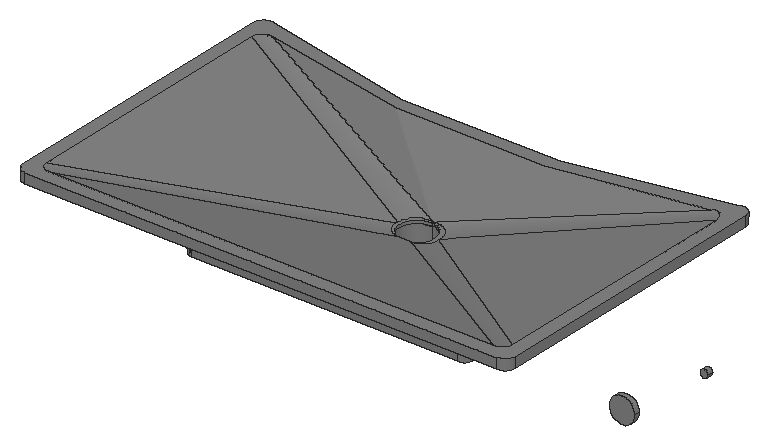
Revit family
Parameters
  Waste Connection Radius = Waste Connection NPT / 2  # 0' - 0 5/8"
  Waste Connection NPT = 1 1/4"
  Waste Connection = yes
  WFU = 0
  Vent Connection = yes
  URL = "http://www.totousa.com"
  Shipping Weight = 48.00 lbf
  Series = "Waza Noir"
  Product URL = "http://www.totousa.com/ProductDetail/tabid/75/Default.aspx?ProductId=c78ced01-098c-4c14-bfaf-ff097b839b26&SearchId=cf49eb84-f9fc-4c92-b83b-4d2dbffe6acb"
  Nominal Width = 2' - 0"  # constant formula
  Nominal Length = 1' - 3"  # constant formula
  Nominal Height = 0' - 3 5/8"  # constant formula
  Model = "FLT132"
  Manufacturer = "TOTO"
  Lavatory Mounting Offset [instance] = if(and(Vessel, not(Self Rimming), not(Undercounter)), 0' 4 5/8", if(and(Self Rimming, not(Vessel), not(Undercounter)), 0' 1 1/2", if(and(Undercounter, not(Self Rimming), not(Vessel)), 0' 0", 0' 0")))  # 0' - 1 1/2"
  Lavatory Material = Cast Iron
  Hot Water Connection Radius = Hot Water Connection NPT / 2  # 0' - 0 3/16"
  Hot Water Connection NPT = 3/8"
  HWFU = 0
  HW Connection = yes
  Flow Pressure [instance] = 0.00 psi
  Distance to Wall [instance] = 0' - 7"
  Description = "Cast Iron Lavatory"
  Cold Water Connection Radius = Cold Water Connection NPT / 2  # 0' - 0 3/16"
  Cold Water Connection NPT = 3/8"
  CWFU = 0
  CW Connection = yes
  CADworks URL = "http://www.CADworks.net"
  Assembly Code = "D2010310"
  ADA Compliant = yes
  Vessel [instance] = no
  Self Rimming [instance] = yes
  Undercounter [instance] = no
Reference planes (in)
  plane 1 "Center (Front/Back)": y = 0
  plane 2: z = 0
  plane 3 "Center (Left/Right)": x = 0
  plane 4: z = -15.5
  plane 5: z = -12.5
  plane 6: x = 4
  plane 7: x = -4
  plane 8: z = 0.5
  plane 9: z = -3.125
  plane 10: x = 12
  plane 11: x = -12
  plane 12: y = 7.5
  plane 13: y = -7.5
  plane 14: z = 0
  plane 15: z = -2.336
  plane 16: z = -2.486
  plane 17: z = -2.211
  plane 18: z = -4.125
  plane 19 "Wall Closure": y = 14.5
  plane 20: z = -1
  plane 21: y = 2.00539
Forms (in)
  Extrusion 1, solid, material "Cast Iron" <- "Lavatory Material"
    sketch origin (19, -180, 10) x (-1, 0, 0) y (0, -1, 0)
      loop
        line (7, -173) -> (7, -187)
        arc (7, -187) -> (7.20561, -187.40415) -> (7.65333, -187.47591) r 0.5
        arc (7.65333, -187.47591) -> (19, -185.69314) -> (30.34667, -187.47591) r 37
        arc (30.34667, -187.47591) -> (30.79439, -187.40415) -> (31, -187) r 0.5
        line (31, -187) -> (31, -173)
        arc (31, -173) -> (30.85355, -172.64645) -> (30.5, -172.5) r 0.5
        line (30.5, -172.5) -> (7.5, -172.5)
        arc (7.5, -172.5) -> (7.14645, -172.64645) -> (7, -173) r 0.5
    from -10 to -9.5
  SweptBlend 2, solid, material "Cast Iron" <- "Lavatory Material"
    path origin (0, 0, 0) x (0, 1, 0) y (0, 0, 1)
      loop
        line (2.3425, 0) -> (2.3425, -2.336)
    profile origin (0, 2.3425, 0) x (1, 0, 0) y (0, 1, 0)
      loop
        arc (8.93264, 3.73349) -> (0, 2.6629) -> (-8.93264, 3.73349) r 37.80078
        arc (-8.93264, 3.73349) -> (-10.21401, 3.45532) -> (-10.7871, 2.27597) r 1.5
        line (-10.7871, 2.27597) -> (-10.7871, -8.2247)
        arc (-10.7871, -8.2247) -> (-10.64065, -8.57825) -> (-10.2871, -8.7247) r 0.5
        line (-10.2871, -8.7247) -> (10.2871, -8.7247)
        arc (10.2871, -8.7247) -> (10.64065, -8.57825) -> (10.7871, -8.2247) r 0.5
        line (10.7871, -8.2247) -> (10.7871, 2.27597)
        arc (10.7871, 2.27597) -> (10.21401, 3.45532) -> (8.93264, 3.73349) r 1.5
    end profile origin (0, 2.3425, -2.336) x (1, 0, 0) y (0, 1, 0)
      loop
        arc (2.27723, 1.57302) -> (0, 1.30009) -> (-2.27723, 1.57302) r 9.63671
        arc (-2.27723, 1.57302) -> (-2.6039, 1.5021) -> (-2.75, 1.20145) r 0.3824
        line (-2.75, 1.20145) -> (-2.75, -0.93684)
        arc (-2.75, -0.93684) -> (-2.56333, -1.38751) -> (-2.11266, -1.57418) r 0.63734
        line (-2.11266, -1.57418) -> (2.11266, -1.57418)
        arc (2.11266, -1.57418) -> (2.56333, -1.38751) -> (2.75, -0.93684) r 0.63734
        line (2.75, -0.93684) -> (2.75, 1.20145)
        arc (2.75, 1.20145) -> (2.6039, 1.5021) -> (2.27723, 1.57302) r 0.3824
  SweptBlend 3, void
    path origin (0, 0, 0) x (0, 1, 0) y (0, 0, 1)
      loop
        line (2.3425, 0.5) -> (2.3425, -2.211)
    profile origin (0, 2.3425, 0.5) x (1, 0, 0) y (0, 1, 0)
      loop
        arc (10.70165, 4.24707) -> (0, 2.69439) -> (-10.70165, 4.24707) r 37.65625
        arc (-10.70165, 4.24707) -> (-11.14288, 4.16834) -> (-11.34375, 3.76768) r 0.5
        line (-11.34375, 3.76768) -> (-11.34375, -8.71625)
        arc (-11.34375, -8.71625) -> (-11.1973, -9.0698) -> (-10.84375, -9.21625) r 0.5
        line (-10.84375, -9.21625) -> (10.84375, -9.21625)
        arc (10.84375, -9.21625) -> (11.1973, -9.0698) -> (11.34375, -8.71625) r 0.5
        line (11.34375, -8.71625) -> (11.34375, 3.76768)
        arc (11.34375, 3.76768) -> (11.14288, 4.16834) -> (10.70165, 4.24707) r 0.5
    end profile origin (0, 2.3425, -2.211) x (1, 0, 0) y (0, 1, 0)
      loop
        arc (-1.04818, -0.35911) -> (-0.82851, -0.88944) -> (-0.29818, -1.10911) r 0.75
        line (-0.29818, -1.10911) -> (0.29818, -1.10911)
        arc (0.29818, -1.10911) -> (0.82851, -0.88944) -> (1.04818, -0.35911) r 0.75
        line (1.04818, -0.35911) -> (1.04818, -0.23187)
        arc (1.04818, -0.23187) -> (0.76152, 0.42678) -> (0.08415, 0.66585) r 0.9
        arc (0.08415, 0.66585) -> (0, 0.66286) -> (-0.08415, 0.66585) r 1.18302
        arc (-0.08415, 0.66585) -> (-0.76152, 0.42678) -> (-1.04818, -0.23187) r 0.9
        line (-1.04818, -0.23187) -> (-1.04818, -0.35911)
  Extrusion 4, solid, material "Chrome", detail levels fine
    sketch origin (-6, 14.5, 48) x (-1, 0, 0) y (0, 0, -1)
      loop
        circle (-6, 63.5) r 0.625
      loop
        circle (-10, 60.5) r 0.1875
      loop
        circle (-2, 60.5) r 0.1875
    from 0 to -0.25
  Extrusion 5, void
    sketch origin (19, -180, -2.211) x (0, -1, 0) y (-1, 0, 0)
      loop
        circle (-182.00539, 19) r 0.86614
    from 0 to 1.914
  Blend 6, solid, material "Cast Iron" <- "Lavatory Material"
    base sketch origin (19, -180, -3.125) x (-1, 0, 0) y (0, -1, 0)
      loop
        arc (12.1102, -183.27016) -> (12.22551, -183.54854) -> (12.5039, -183.66386) r 0.3937
        line (12.5039, -183.66386) -> (25.4961, -183.66386)
        arc (25.4961, -183.66386) -> (25.77449, -183.54854) -> (25.8898, -183.27016) r 0.3937
        line (25.8898, -183.27016) -> (25.8898, -176.77409)
        arc (25.8898, -176.77409) -> (25.77449, -176.4957) -> (25.4961, -176.38039) r 0.3937
        line (25.4961, -176.38039) -> (12.5039, -176.38039)
        arc (12.5039, -176.38039) -> (12.22551, -176.4957) -> (12.1102, -176.77409) r 0.3937
        line (12.1102, -176.77409) -> (12.1102, -183.27016)
    top sketch origin (19, -180, -3.125) x (-1, 0, 0) y (0, -1, 0)
      loop
        line (26.08511, -183.75643) -> (26.08511, -176.77409)
        arc (26.08511, -176.77409) -> (25.91259, -176.3576) -> (25.4961, -176.18508) r 0.58901
        line (25.4961, -176.18508) -> (12.5039, -176.18508)
        arc (12.5039, -176.18508) -> (12.08741, -176.3576) -> (11.91489, -176.77409) r 0.58901
        line (11.91489, -176.77409) -> (11.91489, -183.75643)
        arc (11.91489, -183.75643) -> (12.08741, -184.17292) -> (12.5039, -184.34544) r 0.58901
        line (12.5039, -184.34544) -> (25.4961, -184.34544)
        arc (25.4961, -184.34544) -> (25.91259, -184.17292) -> (26.08511, -183.75643) r 0.58901
    from 0 to 2.55081
  Blend 7, void
    base sketch origin (19, -180, -3.125) x (0, -1, 0) y (1, 0, 0)
      loop
        arc (-176.47805, -12.5039) -> (-176.56476, -12.29457) -> (-176.77409, -12.20786) r 0.29604
        line (-176.77409, -12.20786) -> (-183.27016, -12.20786)
        arc (-183.27016, -12.20786) -> (-183.47949, -12.29457) -> (-183.5662, -12.5039) r 0.29604
        line (-183.5662, -12.5039) -> (-183.5662, -25.4961)
        arc (-183.5662, -25.4961) -> (-183.47949, -25.70543) -> (-183.27016, -25.79214) r 0.29604
        line (-183.27016, -25.79214) -> (-176.77409, -25.79214)
        arc (-176.77409, -25.79214) -> (-176.56476, -25.70543) -> (-176.47805, -25.4961) r 0.29604
        line (-176.47805, -25.4961) -> (-176.47805, -12.5039)
    top sketch origin (19, -180, -3.125) x (0, -1, 0) y (1, 0, 0)
      loop
        line (-183.75643, -25.98746) -> (-176.77409, -25.98746)
        arc (-176.77409, -25.98746) -> (-176.42665, -25.84354) -> (-176.28273, -25.4961) r 0.49136
        line (-176.28273, -25.4961) -> (-176.28273, -12.5039)
        arc (-176.28273, -12.5039) -> (-176.42665, -12.15646) -> (-176.77409, -12.01254) r 0.49136
        line (-176.77409, -12.01254) -> (-183.75643, -12.01254)
        arc (-183.75643, -12.01254) -> (-184.10387, -12.15646) -> (-184.24778, -12.5039) r 0.49136
        line (-184.24778, -12.5039) -> (-184.24778, -25.4961)
        arc (-184.24778, -25.4961) -> (-184.10387, -25.84354) -> (-183.75643, -25.98746) r 0.49136
    from 0 to 3.125
  Blend 8, solid, material "Cast Iron" <- "Lavatory Material"
    base sketch origin (19, -180, -4.125) x (-1, 0, 0) y (0, -1, 0)
      loop
        circle (19, -182.00539) r 1.23285
    top sketch origin (19, -180, -4.125) x (-1, 0, 0) y (0, -1, 0)
      loop
        circle (19, -182.25306) r 1.48474
    from 0 to 1.789
Cuts and joins
  SweptBlend 3, Extrusion 5 cuts Extrusion 1
  SweptBlend 3, Extrusion 5 cuts SweptBlend 2
  SweptBlend 3, Extrusion 5, Blend 7 cuts Blend 6
  joined: Extrusion 1, SweptBlend 2, Blend 6
  Extrusion 5 cuts Blend 8
Lines and regions (in)
  Masking region 1
    outline origin (19, -180, -4.125) x (-1, 0, 0) y (0, -1, 0)
      loop
        arc (7.65333, -187.47591) -> (19, -185.69314) -> (30.34667, -187.47591) r 37
        arc (30.34667, -187.47591) -> (30.79439, -187.40415) -> (31, -187) r 0.5
        line (31, -187) -> (31, -173)
        arc (31, -173) -> (30.85355, -172.64645) -> (30.5, -172.5) r 0.5
        line (30.5, -172.5) -> (7.5, -172.5)
        arc (7.5, -172.5) -> (7.14645, -172.64645) -> (7, -173) r 0.5
        line (7, -173) -> (7, -187)
        arc (7, -187) -> (7.20561, -187.40415) -> (7.65333, -187.47591) r 0.5
  symbolic lines
    curve 1: arc (10.70165, 6.58957, 0.5) -> (11.14288, 6.51084, 0.5) -> (11.34375, 6.11018, 0.5) r 0.5
    curve 2: arc (-10.70165, 6.58957, 0.5) -> (0, 5.03689, 0.5) -> (10.70165, 6.58957, 0.5) r 37.65625
    curve 3: line (11.34375, 6.11018, 0.5) -> (11.34375, -6.37375, 0.5)
    curve 4: arc (11.34375, -6.37375, 0.5) -> (11.1973, -6.7273, 0.5) -> (10.84375, -6.87375, 0.5) r 0.5
    curve 5: line (10.84375, -6.87375, 0.5) -> (-10.84375, -6.87375, 0.5)
    curve 6: arc (-10.84375, -6.87375, 0.5) -> (-11.1973, -6.7273, 0.5) -> (-11.34375, -6.37375, 0.5) r 0.5
    curve 7: line (-11.34375, -6.37375, 0.5) -> (-11.34375, 6.11018, 0.5)
    curve 8: arc (-11.34375, 6.11018, 0.5) -> (-11.14288, 6.51084, 0.5) -> (-10.70165, 6.58957, 0.5) r 0.5
    curve 9: arc (1.04818, 2.11063, 0.5) -> (0.76152, 2.76928, 0.5) -> (0.08415, 3.00835, 0.5) r 0.9
    curve 10: arc (0.29818, 1.23339, 0.5) -> (0.82851, 1.45306, 0.5) -> (1.04818, 1.98339, 0.5) r 0.75
    curve 11: arc (0.08415, 3.00835, 0.5) -> (0, 3.00536, 0.5) -> (-0.08415, 3.00835, 0.5) r 1.18302
    curve 12: arc (-0.08415, 3.00835, 0.5) -> (-0.76152, 2.76928, 0.5) -> (-1.04818, 2.11063, 0.5) r 0.9
    curve 13: arc (-1.04818, 1.98339, 0.5) -> (-0.82851, 1.45306, 0.5) -> (-0.29818, 1.23339, 0.5) r 0.75
    curve 14: line (-1.04818, 2.11063, 0.5) -> (-1.04818, 1.98339, 0.5)
    curve 15: line (1.04818, 1.98339, 0.5) -> (1.04818, 2.11063, 0.5)
    curve 16: line (-0.29818, 1.23339, 0.5) -> (0.29818, 1.23339, 0.5)
Dimensions and locks (in)
  "Nominal Height": plane 8 to plane 9
  equal spacing: plane 11, plane 3 "Center (Left/Right)", plane 10
  "Nominal Width": plane 11 to plane 10
  equal spacing: plane 13, plane 1 "Center (Front/Back)", plane 12
  "Nominal Length": plane 13 to plane 12
  locked: plane 8 to plane 14 at 0.5
  locked: plane 12 to Extrusion 1 sketch curve at 0.02409  (x2)
  locked: plane 8 to plane 15 at 2.836
  locked: plane 8 to plane 16 at 2.986
  equal spacing: SweptBlend 2 sketch curve, plane 3 "Center (Left/Right)", SweptBlend 2 sketch curve, locked at 10.7871 each
  locked: SweptBlend 2 sketch curve to plane 1 "Center (Front/Back)" at 6.3822
  equal spacing: SweptBlend 2 sketch curve, plane 3 "Center (Left/Right)", SweptBlend 2 sketch curve, locked at 2.75 each
  locked: plane 17 to plane 15 at 0.125
  locked: plane 1 "Center (Front/Back)" to SweptBlend 2 sketch curve at 5.0054
  locked: plane 9 to plane 18 at 1
  "Distance to Wall": plane 12 to plane 19 "Wall Closure"
  locked: plane 3 "Center (Left/Right)" to Extrusion 4 sketch curve at 0
  locked: plane 5 to Extrusion 4 sketch curve at 0  (x2)
  locked: plane 6 to Extrusion 4 sketch curve at 0
  locked: plane 7 to Extrusion 4 sketch curve at 0
  locked: plane 19 "Wall Closure" to Extrusion 4 at 0.25
  locked: plane 2 to plane 20 at 1
  "Lavatory Mounting Offset": plane 8 to plane 20
  locked: plane 5 to plane 4 at 3
  locked: plane 8 to plane 5 at 13
  locked: plane 21 to plane 12 at 5.49461
  locked: plane 21 to Extrusion 5 sketch curve at 0
  locked: plane 3 "Center (Left/Right)" to Extrusion 5 sketch curve at 0
  Blend 7 sketch curve to plane 3 "Center (Left/Right)" to Blend 7 sketch curve = 0' - 6.79214" locked, 0' - 6.79214" locked
  Blend 7 sketch curve to plane 1 "Center (Front/Back)" to Blend 7 sketch curve = 0' - 3.52195" locked, 0' - 3.5662" locked
  Blend 6 sketch curve to plane 3 "Center (Left/Right)" to Blend 6 sketch curve = 0' - 6.8898" locked, 0' - 6.8898" locked
  Blend 6 sketch curve to plane 1 "Center (Front/Back)" to Blend 6 sketch curve = 0' - 3.66386" locked, 0' - 3.61961" locked
  Blend 6 sketch curve to plane 1 "Center (Front/Back)" to Blend 6 sketch curve = 0' - 3.81492" locked, 0' - 4.34544" locked
  Blend 6 sketch curve to plane 3 "Center (Left/Right)" to Blend 6 sketch curve = 0' - 7.08511" locked, 0' - 7.08511" locked
  Blend 7 sketch curve to plane 3 "Center (Left/Right)" to Blend 7 sketch curve = 0' - 6.98746" locked, 0' - 6.98746" locked
  Blend 7 sketch curve to plane 1 "Center (Front/Back)" to Blend 7 sketch curve = 0' - 3.71727" locked, 0' - 4.24778" locked
  plane 21 to plane 1 "Center (Front/Back)" = 0' - 2.00539"
  locked: plane 21 to Blend 8 sketch curve at 0
  locked: plane 3 "Center (Left/Right)" to Blend 8 sketch curve at 0  (x2)
  locked: plane 21 to Blend 8 sketch curve at 0.24767
  radius of Extrusion 1 sketch curve = 3' - 1"
  radius of Extrusion 1 sketch curve = 0' - 0 1/2"  (x4)
  radius of SweptBlend 2 sketch curve = 0' - 1 1/2"  (x2)
  radius of SweptBlend 2 sketch curve = 0' - 0 1/2"  (x2)
  "Hot Water Connection Radius": radius of Extrusion 4 sketch curve
  "Waste Connection Radius": radius of Extrusion 4 sketch curve
  "Cold Water Connection Radius": radius of Extrusion 4 sketch curve
  radius of Extrusion 5 sketch curve = 0' - 0.86614"
  radius of Blend 8 sketch curve = 0' - 1.23285"
  radius of Blend 8 sketch curve = 0' - 1.48474"
  aligned and locked: Extrusion 1 sketch curve to plane 10
  aligned and locked: Extrusion 1 sketch curve to plane 13
  aligned and locked: plane 11 to Extrusion 1 sketch curve
  aligned and locked: Extrusion 1 to plane 14
  aligned and locked: plane 8 to Extrusion 1
  aligned and locked: plane 14 to SweptBlend 2 sketch curve
  aligned and locked: plane 15 to SweptBlend 2 sketch curve
  aligned and locked: plane 8 to SweptBlend 3 sketch curve
  aligned and locked: Extrusion 5 to plane 18
  aligned and locked: plane 17 to Extrusion 5
  aligned and locked: level to Blend 7
  aligned and locked: Blend 7 to plane 9
  aligned and locked: Blend 8 to plane 18
  aligned and locked: plane 15 to Blend 8
Automatic sketch dimensions
  Extrusion 1 sketch curve to plane 3 "Center (Left/Right)" = 0' - 0"
  Extrusion 1 sketch curve to plane 12 = 0' - 0.02409"
  SweptBlend 2 sketch curve to plane 3 "Center (Left/Right)" = 0' - 0"  (x2)
  SweptBlend 2 sketch curve to profile plane = 0' - 3.73349"
  SweptBlend 2 sketch curve to plane 3 "Center (Left/Right)" = 0' - 8.93264"
  SweptBlend 2 sketch curve to SweptBlend 2 sketch curve = 0' - 0"  (x3)
  SweptBlend 2 sketch curve to SweptBlend 2 sketch curve = 0' - 0.35446"
  SweptBlend 2 sketch curve to plane 3 "Center (Left/Right)" = 0' - 2.11266"
  SweptBlend 2 sketch curve to plane 3 "Center (Left/Right)" = 0' - 2.27723"
  SweptBlend 2 sketch curve to SweptBlend 2 sketch curve = 0' - 0.09036"
  SweptBlend 2 sketch curve to SweptBlend 2 sketch curve = 0' - 0.63734"  (x2)
  SweptBlend 2 sketch curve to SweptBlend 2 sketch curve = 0' - 0.47277"
  SweptBlend 3 sketch curve to plane 17 = 0' - 0"
  SweptBlend 3 sketch curve to plane 3 "Center (Left/Right)" = 0' - 0"  (x2)
  SweptBlend 3 sketch curve to profile plane = 0' - 4.24707"  (x2)
  SweptBlend 3 sketch curve to plane 3 "Center (Left/Right)" = 0' - 10.70165"
  SweptBlend 3 sketch curve to SweptBlend 3 sketch curve = 0' - 0"  (x3)
  SweptBlend 3 sketch curve to SweptBlend 3 sketch curve = 0' - 0.1421"  (x2)
  SweptBlend 3 sketch curve to plane 3 "Center (Left/Right)" = 0' - 10 27/32"
  SweptBlend 3 sketch curve to SweptBlend 3 sketch curve = 0' - 0 1/2"
  plane 3 "Center (Left/Right)" to SweptBlend 3 sketch curve = 0' - 10.70165"
  plane 3 "Center (Left/Right)" to SweptBlend 3 sketch curve = 0' - 10 27/32"
  profile plane to SweptBlend 3 sketch curve = 0' - 8.71625"
  SweptBlend 3 sketch curve to plane 3 "Center (Left/Right)" = 0' - 0.08415"
  SweptBlend 3 sketch curve to plane 3 "Center (Left/Right)" = 0' - 0.14818"
  SweptBlend 3 sketch curve to SweptBlend 3 sketch curve = 0' - 0.15"
  profile plane to SweptBlend 3 sketch curve = 0' - 0.35911"
  SweptBlend 3 sketch curve to SweptBlend 3 sketch curve = 0' - 0 3/4"
  plane 3 "Center (Left/Right)" to SweptBlend 3 sketch curve = 0' - 0.08415"
  plane 3 "Center (Left/Right)" to SweptBlend 3 sketch curve = 0' - 0.14818"
  plane 3 "Center (Left/Right)" to SweptBlend 3 sketch curve = 0' - 0.29818"
  SweptBlend 3 sketch curve to SweptBlend 3 sketch curve = 0' - 0.12724"
  Extrusion 4 sketch curve to plane 4 = 0' - 0"
  SweptBlend 2 sketch curve to plane 1 "Center (Front/Back)" = 0' - 2.3425"
  profile plane to SweptBlend 2 sketch curve = 0' - 1.57418"
  SweptBlend 2 sketch curve to profile plane = 0' - 1.20145"
  SweptBlend 3 sketch curve to plane 1 "Center (Front/Back)" = 0' - 2.3425"
  Blend 6 sketch curve to Blend 6 sketch curve = 0' - 0.3937"  (x3)
  Blend 6 sketch curve to plane 7 = 0' - 2 127/256"  (x2)
  Blend 6 sketch curve to Blend 6 sketch curve = 0' - 0.58901"  (x3)
  Blend 7 sketch curve to Blend 7 sketch curve = 0' - 0.29604"  (x3)
  Blend 7 sketch curve to plane 6 = 0' - 2 127/256"
  Blend 7 sketch curve to Blend 7 sketch curve = 0' - 0.49136"  (x4)
Connectors (in)
  piping at (0, 14.5, -15.5), driven by "Waste Connection Radius", driven by "WFU", driven by "Waste Connection"
    settings: on Extrusion 4, index 1
  piping at (4, 14.5, -12.5), driven by "Cold Water Connection Radius", driven by "Flow Pressure", driven by "CWFU"
    settings: on Extrusion 4, index 2
  piping at (-4, 14.5, -12.5), driven by "Hot Water Connection Radius", driven by "Flow Pressure", driven by "HWFU"
    settings: on Extrusion 4, index 3
